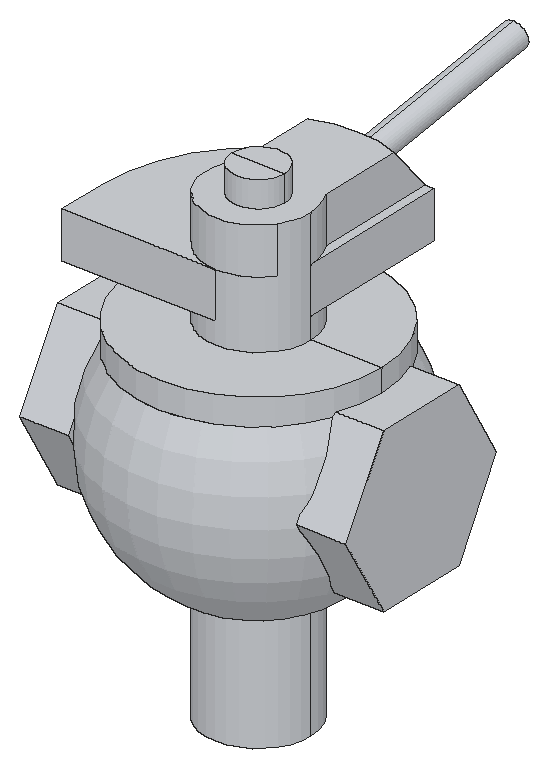
Revit family "2de5edee5223446385b9d4ee37db8fd6", category Pipe Accessories, Revit 2021
Family settings
  Round Connector Dimension = Use Radius
  Part Type = Valve - Breaks Into
  OmniClass Number = 23.65.55.14.17
  OmniClass Title = Adjusting/Controlling Valves for Liquid Services
  Work Plane-Based = No
  Always vertical = Yes
  Cut with Voids When Loaded = No
  Shared = No
Parameters (values of type "1/2"")
  Weight = 0.00 lbm
  Valve Material = none
  Symbol Length = 0.5 * Valve Length * tan(30.00°)  # 1.08253"
  Shaft Radius = Body Radius 1 / 4 + 1/4"  # 0.60625"
  Nominal Radius = 1/4"
  Nominal Diameter = Nominal Radius * 2  # 1/2"
  Lever Radius = Shaft Radius / 4  # 0.15156"
  Lever Length = 3 179/256"
  Length 2 = 15/16"
  Length 1 = sin(30.00°) * Socket Outside Radius  # 0.54127"
  K Coefficient = 0.32
  Depth = 2 115/128"
  Default Elevation = 0"
  Cover Radius = Cover Diameter / 2  # 1 7/32"
  Valve Height = 2 205/256"
  Cover Diameter = 0.65 * Valve Length  # 2 7/16"
  Body Radius 3 = Valve Length / 2 - 13/128"  # 1 99/128"
  Body Radius 2 = Body Radius 1 + 1/4"  # 1.675"
  Body Radius 1 = Valve Length / 2 - (Socket Depth * 0.8)  # 1.425"
  Valve Length = 3 3/4"
  Socket Outside Radius = Length 2 / cos(30.00°)  # 1.08253"
  Socket Depth = 0.15 * Valve Length  # 9/16"
Reference planes (in)
  plane 1 "Center (Front/Back)": y = 0
  plane 2: z = 0
  plane 3 "Center (Left/Right)": x = 0
  plane 4: x = -1.875
  plane 5: x = 1.875
  plane 6: x = -1.3125
  plane 7: x = 1.3125
  plane 8: z = 2.80078
  plane 9: z = -2.89844
  plane 10: y = 1.08253
  plane 11: y = -1.08253
  plane 12: y = 0.54127
  plane 13: y = -0.54127
  plane 14: y = 1.08253
  plane 15: y = -1.08253
  plane 16: z = 0.9375
  plane 17: z = -0.9375
  plane 18: z = 1.1875
  plane 19: z = 1.4375
  plane 20: z = 2.50078
  plane 21: z = 1.96914
  plane 22: y = 3.69922
Forms (in)
  Extrusion 1, solid, material <- "Valve Material", detail levels fine
    sketch origin (0, 0, 0) x (0, 1, 0) y (0, 0, 1)
      loop
        line (0.54127, -0.9375) -> (1.08253, 0) -> (0.54127, 0.9375) -> (-0.54127, 0.9375) -> (-1.08253, 0) -> (-0.54127, -0.9375) -> (0.54127, -0.9375)
    from -1.875 to -1.3125
  Extrusion 2, solid, material <- "Valve Material", detail levels fine
    sketch origin (0, 0, 0) x (0, 1, 0) y (0, 0, 1)
      loop
        line (0.54127, -0.9375) -> (1.08253, 0) -> (0.54127, 0.9375) -> (-0.54127, 0.9375) -> (-1.08253, 0) -> (-0.54127, -0.9375) -> (0.54127, -0.9375)
    from 1.3125 to 1.875
  Revolve 3, solid, material <- "Valve Material", detail levels fine
    sketch origin (0, 0, 0) x (1, 0, 0) y (0, 0, 1)
      loop
        line (-0.60625, 1.1875) -> (-1.425, 1.1875) -> (-1.425, 0.88034)
        arc (-1.425, 0.88034) -> (-1.5881, -0.5325) -> (-0.60625, -1.56144) r 1.675
        line (-0.60625, -1.56144) -> (-0.60625, -2.89844) -> (0, -2.89844) -> (0, 2.50078) -> (0, 2.80078) -> (-0.30312, 2.80078) -> (-0.30312, 2.50078) -> (-0.60625, 2.50078) -> (-0.60625, 1.1875)
      axis (0, 2.80078) -> (0, -2.89844)
    angle from 0 to 360
  Extrusion 4, solid, material <- "Valve Material", detail levels fine
    sketch origin (0, 0, 0) x (1, 0, 0) y (0, 1, 0)
      loop
        arc (0, 1.77344) -> (-1.25401, 1.25401) -> (-1.77344, 0) r 1.77344
        line (-1.77344, 0) -> (-1.77344, -0.60625) -> (0, -0.60625)
        arc (0, -0.60625) -> (0.42868, -0.42868) -> (0.60625, 0) r 0.60625
        line (0.60625, 0) -> (0.60625, 1.77344) -> (0, 1.77344)
    from 1.4375 to 1.96914
  Blend 5, solid, material <- "Valve Material", detail levels fine
    base sketch origin (0, 0, 0) x (1, 0, 0) y (0, 1, 0)
      loop
        arc (0, 1.77344) -> (-0.25257, 1.75536) -> (-0.5, 1.70149) r 1.77344
        line (-0.5, 1.70149) -> (-0.5, -0.34284)
        arc (-0.5, -0.34284) -> (0, -0.60625) -> (0.5, -0.34284) r 0.60625
        line (0.5, -0.34284) -> (0.5, 1.77344) -> (0, 1.77344)
    top sketch origin (0, 0, 0) x (1, 0, 0) y (0, 1, 0)
      loop
        line (-0.5, 1.3344) -> (-0.5, -0.34284)
        arc (-0.5, -0.34284) -> (0, -0.60625) -> (0.5, -0.34284) r 0.60625
        line (0.5, -0.34284) -> (0.5, 1.3344)
        arc (0.5, 1.3344) -> (0, 1.425) -> (-0.5, 1.3344) r 1.425
    from 1.96914 to 2.50078
  Revolve 6, solid, material <- "Valve Material", detail levels fine
    sketch origin (0, 3.69922, 2.50078) x (0, -0.98983, -0.142255) y (0, 0.142255, -0.98983)
      loop
        line (0, 0) -> (0, -0.15156) -> (3.73723, -0.15156) -> (3.73723, 0) -> (0, 0)
      axis (0, 0) -> (3.73723, 0)
    angle from 0 to 360
Cuts and joins
  joined: Revolve 3, Extrusion 4, Blend 5
Lines and regions (in)
  model lines, detail levels coarse+medium
    curve 1: line (-1.875, 1.08253, 0) -> (1.875, -1.08253, 0)
    curve 2: line (-1.875, 1.08253, 0) -> (-1.875, -1.08253, 0)
    curve 3: line (1.875, 1.08253, 0) -> (1.875, -1.08253, 0)
    curve 4: line (1.875, 1.08253, 0) -> (-1.875, -1.08253, 0)
  reference lines, not visible
    curve 5: line (0, 3.69922, 2.50078) -> (0, 0, 1.96914)
Dimensions and locks (in)
  equal spacing: plane 4, plane 3 "Center (Left/Right)", plane 5
  "Valve Length": plane 4 to plane 5
  "Socket Depth": plane 4 to plane 6
  "Socket Depth": plane 7 to plane 5
  "Symbol Length": plane 10 to plane 1 "Center (Front/Back)"
  "Symbol Length": plane 1 "Center (Front/Back)" to plane 11
  "Length 1": plane 12 to plane 1 "Center (Front/Back)"
  "Length 1": plane 1 "Center (Front/Back)" to plane 13
  "Socket Outside Radius": plane 14 to plane 1 "Center (Front/Back)"
  "Socket Outside Radius": plane 1 "Center (Front/Back)" to plane 15
  "Length 2": plane 2 to plane 17
  "Length 2": plane 16 to plane 2
  "Depth": level to plane 9
  "Valve Height": plane 8 to level
  "Body Radius 1": Revolve 3 sketch curve to Revolve 3 sketch curve
  "Shaft Radius": Revolve 3 sketch curve to Revolve 3 sketch curve
  locked: plane 8 to plane 20 at 0.3
  equal spacing: Revolve 3 sketch curve, Revolve 3 sketch curve, Revolve 3 sketch curve
  "Shaft Radius": Extrusion 4 sketch curve to plane 1 "Center (Front/Back)"
  "Shaft Radius": plane 3 "Center (Left/Right)" to Extrusion 4 sketch curve
  "Lever Length": plane 22 to plane 1 "Center (Front/Back)"
  equal spacing: Blend 5 sketch curve, plane 3 "Center (Left/Right)", Blend 5 sketch curve
  locked: Blend 5 sketch curve to plane 3 "Center (Left/Right)" at 0.5
  "Lever Radius": Revolve 6 sketch curve to Revolve 6 sketch curve
  locked: plane 19 to plane 18 at 0.25
  locked: plane 19 to plane 16 at 0.5
  equal spacing: plane 20, plane 21, plane 19
  "Body Radius 2": radius of Revolve 3 sketch curve
  "Body Radius 3": radius of Extrusion 4 sketch curve
  aligned and locked: plane 10 to curve 1
  aligned and locked: plane 11 to curve 1
  aligned and locked: plane 5 to curve 1
  aligned and locked: plane 11 to curve 2
  aligned and locked: curve 2 to plane 4
  aligned and locked: plane 10 to curve 3
  aligned and locked: curve 3 to plane 5
  aligned and locked: Extrusion 1 to plane 4
  aligned and locked: plane 6 to Extrusion 1
  aligned and locked: Extrusion 2 to plane 7
  aligned and locked: plane 5 to Extrusion 2
  aligned and locked: Revolve 3 sketch curve to plane 3 "Center (Left/Right)"
  aligned and locked: Revolve 3 sketch curve to Revolve 3 sketch curve  (x4)
  aligned and locked: plane 18 to Revolve 3 sketch curve
  aligned and locked: Revolve 3 sketch curve to plane 9
  aligned and locked: Revolve 3 sketch curve to plane 8
  aligned and locked: Revolve 3 sketch curve to plane 20
  aligned and locked: plane 3 "Center (Left/Right)" to Extrusion 4 sketch curve
  aligned and locked: plane 1 "Center (Front/Back)" to Extrusion 4 sketch curve
  aligned and locked: Extrusion 4 sketch curve to Revolve 3
  aligned and locked: Extrusion 4 to plane 19
  aligned and locked: plane 21 to Extrusion 4
  aligned and locked: Blend 5 sketch curve to Extrusion 4
  aligned and locked: Extrusion 4 to Blend 5 sketch curve
  aligned and locked: Blend 5 sketch curve to Revolve 3  (x3)
  aligned and locked: var sketch to Blend 5 sketch curve  (x2)
  aligned and locked: Blend 5 to plane 21
  aligned and locked: plane 20 to Blend 5
  aligned and locked: plane 22 to curve 5
  aligned and locked: plane 20 to curve 5
  aligned and locked: plane 1 "Center (Front/Back)" to curve 5
  aligned and locked: plane 21 to curve 5
  aligned and locked: Revolve 6 sketch curve to curve 5  (x3)
  aligned and locked: Revolve 6 sketch curve to Revolve 6 sketch curve
Automatic sketch dimensions
  Extrusion 1 sketch curve to level = 0"  (x2)
  Extrusion 1 sketch curve to plane 15 = 0"
  Extrusion 1 sketch curve to plane 13 = 0"  (x2)
  Extrusion 1 sketch curve to plane 12 = 0"  (x2)
  Extrusion 1 sketch curve to plane 14 = 0"
  Extrusion 1 sketch curve to plane 17 = 0"
  Extrusion 1 sketch curve to plane 16 = 0"
  Extrusion 2 sketch curve to level = 0"  (x2)
  Extrusion 2 sketch curve to plane 11 = 0"
  Extrusion 2 sketch curve to plane 13 = 0"  (x2)
  Extrusion 2 sketch curve to plane 12 = 0"  (x2)
  Extrusion 2 sketch curve to plane 10 = 0"
  Extrusion 2 sketch curve to plane 17 = 0"
  Extrusion 2 sketch curve to plane 16 = 0"
  Revolve 3 sketch curve to level = 0"
  Revolve 3 sketch curve to plane 9 = 3.64317"
  plane 8 to Revolve 3 sketch curve = 4.65761"
  Revolve 3 sketch curve to plane 20 = 0"
  Extrusion 4 sketch curve to plane 3 "Center (Left/Right)" = 0"
  Revolve 6 sketch curve to Revolve 6 sketch curve = 1.66421"
  curve 5 to Revolve 6 sketch curve = 4.61598"
Connectors (in)
  piping at (-1.875, 0, 0), diameter 0.5, driven by "Nominal Radius"
    settings: on Extrusion 1, index 1, connector inside diameter 24", connector length 0", flow factor 0, pipe flow 0 GPM, pressure drop 0.00 psi, fitting loss kfactor 0, connector angle 0.00°, fixture units 0, engagement length 0", angle of deflection 0.00°, flow configuration 0, flow direction 0, fitting loss method 0, system type 29, joint type 0, gender type 0, connector reference index 2, connector utility 0, adjustable connector no, is connector primary yes, connector description ""
  piping at (1.875, 0, 0), diameter 0.5, driven by "Nominal Radius"
    settings: on Extrusion 2, index 2, connector inside diameter 24", connector length 0", flow factor 0, pipe flow 0 GPM, pressure drop 0.00 psi, fitting loss kfactor 0, connector angle 0.00°, fixture units 0, engagement length 0", angle of deflection 0.00°, flow configuration 0, flow direction 0, fitting loss method 0, system type 29, joint type 0, gender type 0, connector reference index 1, connector utility 0, adjustable connector no, is connector primary no, connector description ""
